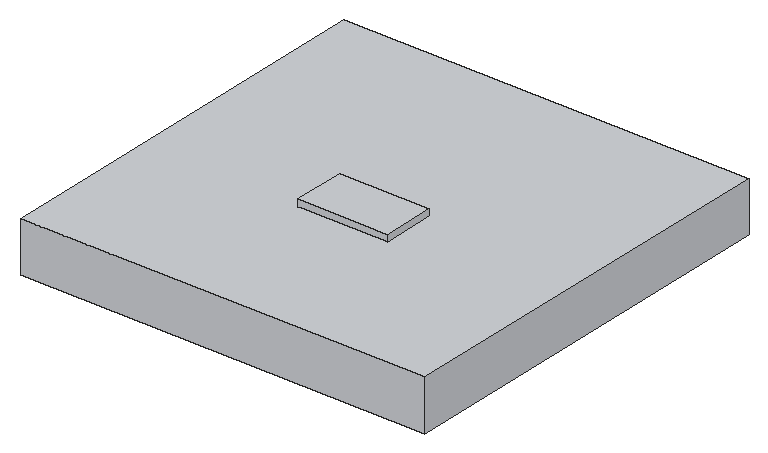
Revit family "M_Painel indicador", category Equipamento elétrico, Revit 2019
Family settings
  Hospedeiro = Face
  Cota do conector redondo = Utilizar diâmetro
  Tipo de parte = Outros painéis
  Número OmniClass = 23.85.30.21.11.14
  Título OmniClass = Alarm Panels
  ID de item do Seek = Annunciator Panel-0000-CAN-ENU
  Corte com vazios quando carregada = Não
  Compartilhado = Não
  Ponto de cálculo do ambiente = Não
Parameters (values of type "Padrão")
  Largura = 311 mm
  Material do painel = none
  Comprimento = 540 mm
  Altura = 38 mm
  Elevação-padrão = 1200 mm
Reference planes
  plane 1 "Centro (Frente/Trás)": y = 0
  plane 2: z = 0
  plane 3 "Centro (Esquerda/Direita)": x = 0
  plane 4: x = -270
  plane 5: x = 270
  plane 6: y = -311
  plane 7: z = 38
Forms (mm)
  Extrusion 1, solid
    sketch origin (0, 0, 0) x (1, 0, 0) y (0, 1, 0)
      loop
        line (-1219.2, 1219.2) -> (-1219.2, -1219.2) -> (1219.2, -1219.2) -> (1219.2, 1219.2) -> (-1219.2, 1219.2)
    from 0 to -304.8
  Extrusion 2, solid, material <- "Material do painel"
    sketch origin (0, 0, 0) x (1, 0, 0) y (0, 1, 0)
      loop
        line (-270, 0) -> (-270, -311) -> (270, -311) -> (270, 0) -> (-270, 0)
    from 0 to 38
Dimensions and locks
  "Largura": plane 1 "Centro (Frente/Trás)" to plane 6
  equal spacing: plane 4, plane 3 "Centro (Esquerda/Direita)", plane 5
  "Comprimento": plane 4 to plane 5
  "Altura": plane 7 to plane 2
  aligned and locked: plane 2 to Extrusion 1
  aligned and locked: level to Extrusion 1
  aligned and locked: plane 4 to Extrusion 2 sketch curve
  aligned and locked: plane 1 "Centro (Frente/Trás)" to Extrusion 2 sketch curve
  aligned and locked: plane 6 to Extrusion 2 sketch curve
  aligned and locked: Extrusion 2 sketch curve to plane 5
  aligned and locked: Extrusion 2 to plane 2
  aligned and locked: plane 7 to Extrusion 2
  aligned and locked: plane 5 to Extrusion 2
  aligned and locked: plane 2 to nested 1
  aligned and locked: plane 7 to nested 1
  aligned and locked: plane 4 to nested 1
  aligned and locked: plane 5 to nested 1
Automatic sketch dimensions
  Extrusion 1 sketch curve to Extrusion 1 sketch curve = 2438.4 mm  (x2)
Nested families
  nested 1: "M_Anotação de painel indicador" at (546.1, 0, -171.5) x (1, 0, 0) z (0, -1, 0), type "Anotação do painel indicador", detail levels coarse+medium
    with Largura 38 mm, Comprimento 540 mm
Connectors
  electrical at (0, 0, 19)
    settings: on Extrusion 2, index 1, voltage 0 V, apparent load 0 VA, apparent load phase1 0 VA, apparent load phase2 0 VA, apparent load phase3 0 VA, power factor 1, load classification "Outros", number of poles 1, system type 11, power factor state 1, is connector primary yes, connector utility no, sub classification motor no, connector description ""
  cabletrayconduit at (0, 0, 19), diameter 600
    settings: on Extrusion 2, index 2, connector width 300 mm, connector height 300 mm, connector angle 0.00°, system type 32, placement type 1, profile type 0, connector reference index -1, is primary connector yes, connector utility param no, connector description ""
  cabletrayconduit at (-270, -155.5, 19), diameter 600
    settings: on Extrusion 2, index 3, connector width 300 mm, connector height 300 mm, connector angle 0.00°, system type 32, placement type 1, profile type 0, connector reference index -1, is primary connector no, connector utility param no, connector description ""
  cabletrayconduit at (270, -155.5, 19), diameter 600
    settings: on Extrusion 2, index 4, connector width 300 mm, connector height 300 mm, connector angle 0.00°, system type 32, placement type 1, profile type 0, connector reference index -1, is primary connector no, connector utility param no, connector description ""
  cabletrayconduit at (0, -155.5, 0), diameter 600
    settings: on Extrusion 2, index 5, connector width 300 mm, connector height 300 mm, connector angle 0.00°, system type 32, placement type 1, profile type 0, connector reference index -1, is primary connector no, connector utility param no, connector description ""
  cabletrayconduit at (0, -311, 19), diameter 600
    settings: on Extrusion 2, index 6, connector width 300 mm, connector height 300 mm, connector angle 0.00°, system type 32, placement type 1, profile type 0, connector reference index -1, is primary connector no, connector utility param no, connector description ""
Definition of nested family "M_Anotação de painel indicador"
  Parameters
    Largura [instance] = 127 mm
    Comprimento [instance] = 127 mm
    Assembly Code = ""
  Reference planes
    plane 1 "Centro (Frente/Trás)": y = 190.5
    plane 2: z = 0
    plane 3 "Centro (Esquerda/Direita)": x = -546.1
    plane 4: x = -609.6
    plane 5: x = -482.6
    plane 6: y = 254
    plane 7: y = 127
  Lines and regions (mm)
    Filled region 1, type "Preenchimento sólido - Preto", in view "Nível de referência"
      outline origin (-228.076, 208.072, 0) x (1, 0, 0) y (0, 1, 0)
        loop
          line (-327.679, -11.99) -> (-331.477, -21.392) -> (-330.097, -21.392) -> (-329.001, -18.538) -> (-325.052, -18.538) -> (-324.027, -21.392) -> (-322.714, -21.392) -> (-326.317, -11.99) -> (-327.679, -11.99)
        loop
          line (-325.388, -17.523) -> (-326.955, -12.971) -> (-328.612, -17.523) -> (-325.388, -17.523)
        loop
          line (-318.657, -11.99) -> (-322.456, -21.392) -> (-321.076, -21.392) -> (-319.98, -18.538) -> (-316.031, -18.538) -> (-315.005, -21.392) -> (-313.692, -21.392) -> (-317.296, -11.99) -> (-318.657, -11.99)
        loop
          line (-317.934, -12.971) -> (-319.59, -17.523) -> (-316.366, -17.523) -> (-317.934, -12.971)
        loop
          line (-313.318, -11.99) -> (-313.318, -13.119) -> (-308.137, -13.119) -> (-308.137, -16.044) -> (-312.635, -16.044) -> (-312.635, -17.136) -> (-308.137, -17.136) -> (-308.137, -21.392) -> (-306.949, -21.392) -> (-306.949, -11.99) -> (-313.318, -11.99)
    detail lines, in view "Nível de referência"
      curve 1: line (-609.6, 254, 0) -> (-482.6, 254, 0)
      curve 2: line (-609.6, 127, 0) -> (-609.6, 254, 0)
      curve 3: line (-482.6, 127, 0) -> (-609.6, 127, 0)
      curve 4: line (-482.6, 254, 0) -> (-482.6, 127, 0)
      curve 5: line (-541.768, 186.679, 0) -> (-543.081, 186.679, 0)
      curve 6: line (-545.372, 196.081, 0) -> (-546.733, 196.081, 0)
      curve 7: line (-546.733, 196.081, 0) -> (-550.532, 186.679, 0)
      curve 8: line (-550.532, 186.679, 0) -> (-549.152, 186.679, 0)
      curve 9: line (-545.372, 196.081, 0) -> (-541.768, 186.679, 0)
      curve 10: line (-549.152, 186.679, 0) -> (-548.056, 189.534, 0)
      curve 11: line (-548.056, 189.534, 0) -> (-544.107, 189.534, 0)
      curve 12: line (-544.107, 189.534, 0) -> (-543.081, 186.679, 0)
      curve 13: line (-547.666, 190.549, 0) -> (-546.01, 195.101, 0)
      curve 14: line (-546.01, 195.101, 0) -> (-544.442, 190.549, 0)
      curve 15: line (-544.442, 190.549, 0) -> (-547.666, 190.549, 0)
      curve 16: line (-541.394, 196.081, 0) -> (-535.025, 196.081, 0)
      curve 17: line (-535.025, 196.081, 0) -> (-535.025, 186.679, 0)
      curve 18: line (-535.025, 186.679, 0) -> (-536.213, 186.679, 0)
      curve 19: line (-536.213, 186.679, 0) -> (-536.213, 190.936, 0)
      curve 20: line (-536.213, 190.936, 0) -> (-540.711, 190.936, 0)
      curve 21: line (-540.711, 190.936, 0) -> (-540.711, 192.027, 0)
      curve 22: line (-540.711, 192.027, 0) -> (-536.213, 192.027, 0)
      curve 23: line (-536.213, 192.027, 0) -> (-536.213, 194.953, 0)
      curve 24: line (-536.213, 194.953, 0) -> (-541.394, 194.953, 0)
      curve 25: line (-541.394, 194.953, 0) -> (-541.394, 196.081, 0)
      curve 26: line (-550.79, 186.679, 0) -> (-552.103, 186.679, 0)
      curve 27: line (-554.393, 196.081, 0) -> (-555.755, 196.081, 0)
      curve 28: line (-555.755, 196.081, 0) -> (-559.553, 186.679, 0)
      curve 29: line (-559.553, 186.679, 0) -> (-558.173, 186.679, 0)
      curve 30: line (-554.393, 196.081, 0) -> (-550.79, 186.679, 0)
      curve 31: line (-558.173, 186.679, 0) -> (-557.077, 189.534, 0)
      curve 32: line (-557.077, 189.534, 0) -> (-553.128, 189.534, 0)
      curve 33: line (-553.128, 189.534, 0) -> (-552.103, 186.679, 0)
      curve 34: line (-556.688, 190.549, 0) -> (-555.031, 195.101, 0)
      curve 35: line (-555.031, 195.101, 0) -> (-553.464, 190.549, 0)
      curve 36: line (-553.464, 190.549, 0) -> (-556.688, 190.549, 0)
  Dimensions and locks
    equal spacing: plane 4, plane 3 "Centro (Esquerda/Direita)", plane 5
    "Comprimento": plane 4 to plane 5
    equal spacing: plane 6, plane 1 "Centro (Frente/Trás)", plane 7
    "Largura": plane 6 to plane 7
    aligned and locked: plane 4 to curve 1
    aligned and locked: curve 1 to plane 6
    aligned and locked: plane 7 to curve 4
    aligned and locked: curve 4 to plane 5
    aligned and locked: Filled region 1 sketch curve to curve 28
    aligned and locked: Filled region 1 sketch curve to curve 27
    aligned and locked: Filled region 1 sketch curve to curve 30
    aligned and locked: Filled region 1 sketch curve to curve 26
    aligned and locked: Filled region 1 sketch curve to curve 33
    aligned and locked: Filled region 1 sketch curve to curve 32
    aligned and locked: Filled region 1 sketch curve to curve 31
    aligned and locked: Filled region 1 sketch curve to curve 29
    aligned and locked: Filled region 1 sketch curve to curve 36
    aligned and locked: Filled region 1 sketch curve to curve 35
    aligned and locked: Filled region 1 sketch curve to curve 34
    aligned and locked: Filled region 1 sketch curve to curve 7
    aligned and locked: Filled region 1 sketch curve to curve 6
    aligned and locked: Filled region 1 sketch curve to curve 9
    aligned and locked: Filled region 1 sketch curve to curve 14
    aligned and locked: Filled region 1 sketch curve to curve 13
    aligned and locked: Filled region 1 sketch curve to curve 15
    aligned and locked: Filled region 1 sketch curve to curve 12
    aligned and locked: Filled region 1 sketch curve to curve 11
    aligned and locked: Filled region 1 sketch curve to curve 10
    aligned and locked: Filled region 1 sketch curve to curve 8
    aligned and locked: Filled region 1 sketch curve to curve 5
    aligned and locked: Filled region 1 sketch curve to curve 16
    aligned and locked: Filled region 1 sketch curve to curve 25
    aligned and locked: Filled region 1 sketch curve to curve 24
    aligned and locked: Filled region 1 sketch curve to curve 17
    aligned and locked: Filled region 1 sketch curve to curve 23
    aligned and locked: Filled region 1 sketch curve to curve 22
    aligned and locked: Filled region 1 sketch curve to curve 21
    aligned and locked: Filled region 1 sketch curve to curve 20
    aligned and locked: Filled region 1 sketch curve to curve 19
    aligned and locked: Filled region 1 sketch curve to curve 18
  Automatic sketch dimensions
    curve 28 to curve 31 = 1.38 mm
    curve 29 to curve 32 = 1.096 mm
    curve 31 to curve 34 = 0.39 mm
    curve 34 to curve 27 = 0.933 mm
    curve 27 to curve 35 = 0.724 mm
    curve 34 to curve 30 = 0.638 mm
    curve 34 to curve 35 = 3.224 mm
    curve 35 to curve 33 = 0.335 mm
    curve 32 to curve 26 = 1.025 mm
    curve 26 to curve 30 = 1.313 mm
    curve 26 to curve 7 = 0.258 mm
    curve 7 to curve 10 = 1.38 mm
    curve 8 to curve 11 = 1.096 mm
    curve 10 to curve 15 = 0.39 mm
    curve 13 to curve 6 = 0.933 mm
    curve 6 to curve 14 = 0.724 mm
    curve 13 to curve 9 = 0.638 mm
    curve 13 to curve 14 = 3.224 mm
    curve 14 to curve 12 = 0.335 mm
    curve 11 to curve 12 = 1.025 mm
    curve 5 to curve 9 = 1.313 mm
    curve 6 to curve 25 = 3.978 mm
    curve 11 to curve 20 = 3.396 mm
    curve 24 to curve 23 = 5.181 mm
    curve 20 to curve 22 = 0 mm
    curve 23 to curve 17 = 1.188 mm
    curve 27 to curve 25 = 0 mm
    curve 6 to curve 16 = 0 mm
    curve 14 to curve 6 = 0.98 mm
    curve 35 to curve 27 = 0.98 mm
    curve 24 to curve 16 = 1.129 mm
    curve 21 to curve 24 = 2.925 mm
    curve 20 to curve 21 = 1.091 mm
    curve 14 to curve 20 = 0.387 mm
    curve 36 to curve 35 = 4.552 mm
    curve 31 to curve 36 = 1.015 mm
    curve 10 to curve 13 = 1.015 mm
    curve 5 to curve 11 = 2.854 mm
    curve 10 to curve 10 = 2.854 mm
    curve 29 to curve 31 = 2.854 mm
    curve 30 to curve 7 = 0 mm
    curve 17 to curve 19 = 4.257 mm
    plane 1 "Centro (Frente/Trás)" to curve 28 = 3.821 mm
    curve 28 to plane 3 "Centro (Esquerda/Direita)" = 13.453 mm
